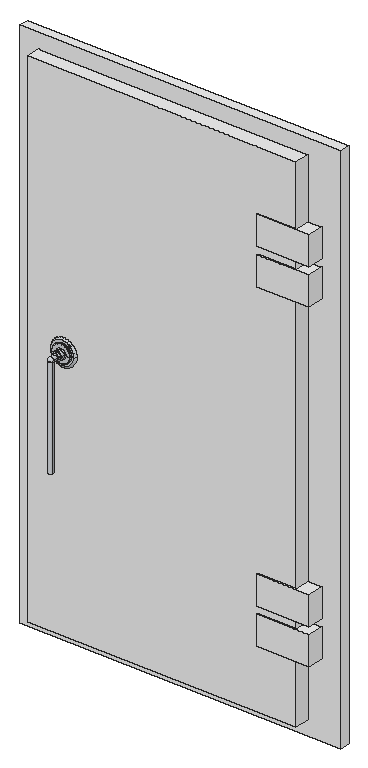
Revit family
Parameters (values of type "차폐도어_single")
  차폐문프레임재질 = metal-차폐문프레임재질
  차폐문패널재질 = metal-차폐문패널재질
  Function = (empty or 0)
  Frame Projection Ext. = 25 mm
  Frame Projection Int. = 25 mm
  Frame Width = 75 mm
  Height = 1993 mm
  Wall Closure = (empty or 0)
  Width = 1000 mm
  Assembly Code = ""
Types (2, lengths in mm): name | Width
  차폐도어_single | 1000
  차폐도어_single 2 | 800
Reference planes
  plane 1: y = 0
  plane 2 "Center (Left/Right)": x = 0
  plane 3 "Left": x = -500
  plane 4 "Right": x = 500
  plane 5: z = 1993
  plane 6 "Exterior": y = 75
  plane 7 "Interior": y = -75
  plane 8: x = -639
  plane 9: x = 699
  plane 10: y = -35
  plane 11: z = 2117
  plane 12: z = -114
  plane 13 "CE": z = 1001.5
  plane 14 "awc": x = -410.038
  plane 15: x = -410.038
Forms (mm)
  Extrusion 1, solid, material "metal-차폐문프레임재질" <- "차폐문프레임재질"
    sketch origin (0, -75, 0) x (1, 0, 0) y (0, 0, 1)
      loop
        line (-639, 2117) -> (-639, -114) -> (699, -114) -> (699, 2117) -> (-639, 2117)
      loop
        line (-493.012, 1993) -> (-493.012, 0) -> (500, 0) -> (500, 1993) -> (-493.012, 1993)
    from -40 to 0
  Extrusion 2, solid, material "metal-차폐문패널재질" <- "차폐문패널재질"
    sketch origin (0, -75, 0) x (1, 0, 0) y (0, 0, 1)
      loop
        line (-560, 2054.76) -> (-560, -58) -> (560, -58) -> (560, 2054.76) -> (-560, 2054.76)
    from 0 to 59
  Extrusion 3, solid, material "metal-차폐문패널재질" <- "차폐문패널재질"
    sketch origin (0, -75, 0) x (1, 0, 0) y (0, 0, 1)
      loop
        line (-493.012, 1993) -> (-493.012, 0) -> (500, 0) -> (500, 1993) -> (-493.012, 1993)
    from -40 to 0
  Extrusion 4, solid, material "metal-차폐문패널재질" <- "차폐문패널재질"
    sketch origin (0, -75, 0) x (1, 0, 0) y (0, 0, 1)
      loop
        line (399.74, 1804.43) -> (399.74, 1684.84) -> (619.74, 1684.84) -> (619.74, 1804.43) -> (399.74, 1804.43)
      loop
        line (399.74, 1654.43) -> (399.74, 1534.84) -> (619.74, 1534.84) -> (619.74, 1654.43) -> (399.74, 1654.43)
      loop
        line (399.74, 192.33) -> (619.74, 192.33) -> (619.74, 311.92) -> (399.74, 311.92) -> (399.74, 192.33)
      loop
        line (399.74, 342.33) -> (619.74, 342.33) -> (619.74, 461.92) -> (399.74, 461.92) -> (399.74, 342.33)
    from 0 to 66.022
  Revolve 5, solid
    sketch origin (0, -169, 1001.5) x (-1, 0, 0) y (0, 1, 0)
      loop
        line (355.038, 35) -> (362.11, 27.929) -> (372.11, 27.929) -> (372.11, 22.929) -> (373.531, 20.466) -> (389.817, 20.466) -> (393.031, 14.9) -> (393.031, 4.9) -> (394.993, 2.937) -> (398.356, 2.937) -> (398.356, -8.318)
        arc (398.356, -8.318) -> (398.901, -9.633) -> (400.217, -10.178) r 1.86
        line (400.217, -10.178) -> (400.217, -30.178)
        arc (400.217, -30.178) -> (403.093, -37.123) -> (410.038, -40) r 9.822
        line (410.038, -40) -> (410.038, 35) -> (355.038, 35)
      axis (410.038, -40) -> (410.038, 35)
    angle from 0 to 360
  Sweep 6, solid
    path origin (-410.038, 0, 0) x (0, -1, 0) y (0, 0, 1)
      loop
        line (200, 1001.5) -> (200, 581.5)
    profile origin (-410.038, -200, 791.5) x (-1, 0, 0) y (0, -1, 0)
      loop
        circle (0, 0) r 9.074
  Revolve 7, solid
    sketch origin (0, 0, 1001.5) x (-1, 0, 0) y (0, -1, 0)
      loop
        line (355.038, 35) -> (362.11, 27.929) -> (372.11, 27.929) -> (372.11, 22.929) -> (373.531, 20.466) -> (389.817, 20.466) -> (393.031, 14.9) -> (393.031, 4.9) -> (394.993, 2.937) -> (398.356, 2.937) -> (398.356, -8.318)
        arc (398.356, -8.318) -> (398.901, -9.633) -> (400.217, -10.178) r 1.86
        line (400.217, -10.178) -> (400.217, -30.178)
        arc (400.217, -30.178) -> (403.093, -37.123) -> (410.038, -40) r 9.822
        line (410.038, -40) -> (410.038, 35) -> (355.038, 35)
      axis (410.038, -40) -> (410.038, 35)
    angle from 0 to 360
  Sweep 8, solid
    path origin (-410.038, -19, 0) x (0, 1, 0) y (0, 0, 1)
      loop
        line (50, 1001.5) -> (50, 581.5)
    profile origin (-410.038, 31, 791.5) x (-1, 0, 0) y (0, -1, 0)
      loop
        circle (0, 0) r 9.074
Lines and regions (mm)
  Opening 1
    outline origin (-3050, -75, 0) x (1, 0, 0) y (0, 0, 1)
      loop
        line (2550, 0) -> (3550, 0) -> (3550, 1993) -> (2550, 1993) -> (2550, 0)
Text (mm)
  text "Exterior" at (-2295.016, 1099.543, 0), in view "Ref. Level"
  text "Exterior" at (0, 1615.38, 3698.081), in view "Left"
  text "Exterior" at (0, 1036.032, 3874.932), in view "Right"
Dimensions and locks
  equal spacing: plane 3 "Left", plane 2 "Center (Left/Right)", plane 4 "Right"
  "Width": plane 3 "Left" to plane 4 "Right"
  "Height": plane 5 to host wall
  host wall to plane 5 = 1993 mm  (x2)
  locked: plane 6 "Exterior" to host wall at 0
  locked: plane 7 "Interior" to host wall
  locked: plane 8 to plane 3 "Left" at 139
  locked: plane 4 "Right" to plane 9 at 199
  plane 11 to plane 5 = 124 mm
  level to plane 12 = 114 mm
  locked: Extrusion 1 to Extrusion 2 at 40
  locked: Extrusion 4 to host wall at 141.022
  equal spacing: plane 11, plane 13 "CE", plane 12
  locked: plane 3 "Left" to plane 14 "awc" at 89.962
  locked: Extrusion 2 to plane 7 "Interior" at 59
  locked: Sweep 6 sketch curve to Revolve 5 at 66
  locked: Revolve 7 to Sweep 8 sketch curve at 66
  locked: plane 3 "Left" to plane 15 at 89.962
  aligned and locked: plane 3 "Left" to Opening 1 sketch curve
  aligned and locked: plane 5 to Opening 1 sketch curve  (x2)
  aligned and locked: Opening 1 sketch curve to plane 4 "Right"
  aligned and locked: Opening 1 sketch curve to level
  aligned and locked: plane 1 to host wall
  aligned and locked: plane 8 to Extrusion 1 sketch curve
  aligned and locked: Extrusion 1 sketch curve to plane 11
  aligned and locked: plane 12 to Extrusion 1 sketch curve
  aligned and locked: Extrusion 1 sketch curve to plane 9
  aligned and locked: host wall to Extrusion 1 sketch curve
  aligned and locked: Extrusion 1 sketch curve to host wall  (x2)
  aligned and locked: Extrusion 2 to host wall
  aligned and locked: level to Extrusion 3 sketch curve
  aligned and locked: plane 4 "Right" to Extrusion 3 sketch curve
  aligned and locked: plane 10 to Extrusion 3
  aligned and locked: host wall to Extrusion 3
  aligned and locked: Extrusion 2 to Extrusion 3
  aligned and locked: Revolve 5 to Extrusion 2
  aligned and locked: Revolve 5 sketch curve to plane 14 "awc"
  aligned and locked: Revolve 7 sketch curve to plane 15
  aligned and locked: Extrusion 3 to Revolve 7
Automatic sketch dimensions
  Extrusion 1 sketch curve to plane 3 "Left" = 6.988 mm
  plane 3 "Left" to Extrusion 2 sketch curve = 60 mm
  Extrusion 2 sketch curve to plane 4 "Right" = 60 mm
  plane 12 to Extrusion 2 sketch curve = 56 mm
  Extrusion 2 sketch curve to plane 5 = 61.76 mm
  Extrusion 3 sketch curve to plane 5 = 0 mm
  Extrusion 3 sketch curve to plane 3 "Left" = 6.988 mm
  plane 4 "Right" to Extrusion 4 sketch curve = 100.26 mm  (x2)
  Extrusion 4 sketch curve to Extrusion 4 sketch curve = 0 mm  (x4)
  Extrusion 4 sketch curve to plane 9 = 79.26 mm  (x2)
  level to Extrusion 4 sketch curve = 192.33 mm
  Extrusion 4 sketch curve to Extrusion 4 sketch curve = 119.59 mm  (x4)
  Extrusion 4 sketch curve to Extrusion 4 sketch curve = 30.41 mm  (x2)
  plane 5 to Extrusion 4 sketch curve = 458.16 mm
  Revolve 5 sketch curve to plane 14 "awc" = 0 mm
  plane 14 "awc" to Revolve 5 sketch curve = 9.822 mm
  Revolve 5 sketch curve to Revolve 5 sketch curve = 1.86 mm
  Revolve 5 sketch curve to Revolve 5 sketch curve = 3.363 mm
  Revolve 5 sketch curve to Revolve 5 sketch curve = 1.962 mm  (x2)
  Revolve 5 sketch curve to Revolve 5 sketch curve = 3.214 mm
  Revolve 5 sketch curve to Revolve 5 sketch curve = 16.286 mm
  Revolve 5 sketch curve to Revolve 5 sketch curve = 1.422 mm
  Revolve 5 sketch curve to Revolve 5 sketch curve = 10 mm  (x2)
  Revolve 5 sketch curve to Revolve 5 sketch curve = 7.071 mm  (x2)
  Revolve 5 sketch curve to host wall = 297.367 mm
  Revolve 5 sketch curve to host wall = 134 mm
  Revolve 5 sketch curve to Revolve 5 sketch curve = 20 mm
  Revolve 5 sketch curve to Revolve 5 sketch curve = 11.255 mm
  Revolve 5 sketch curve to Revolve 5 sketch curve = 5.567 mm
  Revolve 5 sketch curve to Revolve 5 sketch curve = 2.463 mm
  Revolve 5 sketch curve to Revolve 5 sketch curve = 5 mm
  Revolve 5 sketch curve to host wall = 132.633 mm
  Sweep 6 sketch curve to plane 13 "CE" = 0 mm
  Sweep 6 sketch curve to plane 13 "CE" = 420 mm
  Sweep 6 sketch curve to plane 14 "awc" = 0 mm
  Sweep 6 sketch curve to profile plane = 0 mm
  Revolve 7 sketch curve to plane 15 = 0 mm
  Revolve 7 sketch curve to plane 15 = 9.822 mm
  Revolve 7 sketch curve to Revolve 7 sketch curve = 1.86 mm
  Revolve 7 sketch curve to Revolve 7 sketch curve = 3.363 mm
  Revolve 7 sketch curve to Revolve 7 sketch curve = 1.962 mm  (x2)
  host wall to Revolve 7 sketch curve = 20.466 mm
  Revolve 7 sketch curve to Revolve 7 sketch curve = 3.214 mm
  Revolve 7 sketch curve to Revolve 7 sketch curve = 16.286 mm
  Revolve 7 sketch curve to Revolve 7 sketch curve = 1.422 mm
  Revolve 7 sketch curve to Revolve 7 sketch curve = 10 mm  (x2)
  Revolve 7 sketch curve to Revolve 7 sketch curve = 7.071 mm  (x2)
  host wall to Revolve 7 sketch curve = 14.9 mm
  Revolve 7 sketch curve to Revolve 7 sketch curve = 11.255 mm
  Revolve 7 sketch curve to Revolve 7 sketch curve = 20 mm
  host wall to Revolve 7 sketch curve = 128.367 mm
  Revolve 7 sketch curve to Revolve 7 sketch curve = 2.463 mm
  Revolve 7 sketch curve to Revolve 7 sketch curve = 5 mm
  host wall to Revolve 7 sketch curve = 301.633 mm
  Sweep 8 sketch curve to plane 13 "CE" = 0 mm
  plane 13 "CE" to Sweep 8 sketch curve = 420 mm
  Sweep 8 sketch curve to plane 15 = 0 mm
  Sweep 8 sketch curve to profile plane = 0 mm
  radius of Sweep 6 sketch curve = 9.074 mm
  radius of Sweep 8 sketch curve = 9.074 mm
